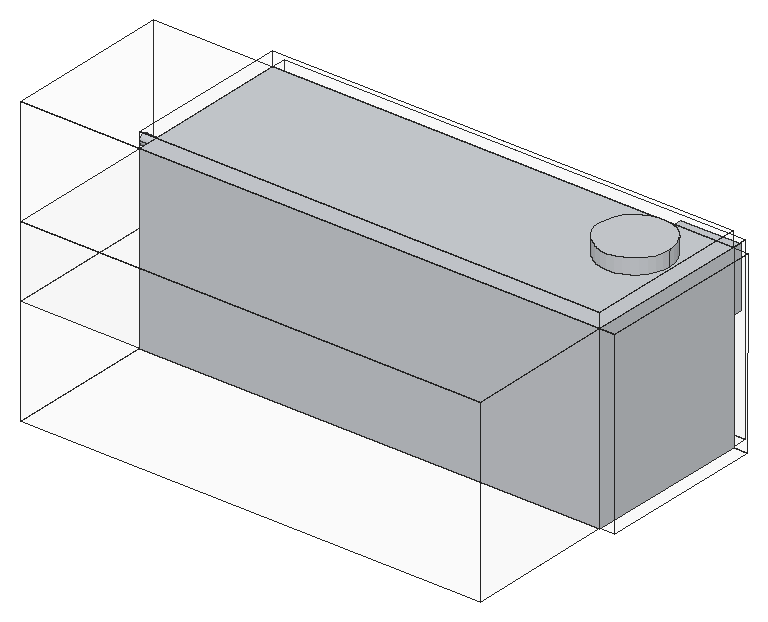
Revit family
Parameters (values of type "CFN2072PM")
  manifold thickness = 6 1/4"
  gas offset from back = 27 1/2"
  gas conn length = 4"
  Voltage/Pump = 120"
  A_HEIGHT = 36"
  B_WIDTH = 92 1/2"
  C_DEPTH = 33 1/2"
  DRAIN SIZE = 3/4"
  GAS CONN SIZE = gas conn radius * 2  # 2"
  VENT SIZE = vent radius * 2  # 14"
  WATER IN CONN SIZE = water inlet radius * 2  # 2 1/2"
  WATER OUT CONN SIZE = water outlet radius * 2  # 2 1/2"
  SES BIM Studio # = "201264901-23"
  Voltage/Heater = "120"
  Voltage/Control = "24"
  URL = "http://www.lochinvar.com/products/default.aspx?type=productline&lineid=14"
  Total Amps w/pump = "21.4"
  Model = "CFN2072PM"
  Manufacturer = "Lochinvar"
  MODEL NO. = "CFN2072PM"
  GALLON CAPACITY = "4.8"
  INPUT RATE (BTUH) = "2,070,000"
  FUEL TYPE = "NATURAL GAS"
  Description = "Copper-Fin II Commercial Gas Water Heater"
  Fuel Type = "Natural or LP"
  D_water conn height = 15 3/4"
  E_vent offset from back = 11"
  F_vent offset from right side = 11"
  G_gas conn offset from bottom = 33 3/4"
  air inlet offset from right side = 1"
  air inlet size = 12"
  air inlet offst from top = 1"
  front clearance = 30"
  gas conn radius = 1"
  left side clearance = 24"
  rear clearance = 3"
  right side clearance = 3"
  top clearance = 3"
  vent radius = 7"
  H_water conn offset from back = 8 3/4"
  water inlet radius = 1 1/4"
  water inlet/outlet center to center distance = 11 1/4"
  water outlet radius = 1 1/4"
  # of Electrical Connections = "2"
Types (10): name | manifold thickness | gas offset from back | A_HEIGHT | B_WIDTH | C_DEPTH | GAS CONN SIZE | VENT SIZE | WATER IN CONN SIZE | WATER OUT CONN SIZE | Total Amps w/pump | Model | MODEL NO. | GALLON CAPACITY | INPUT RATE (BTUH) | D_water conn height | E_vent offset from back | F_vent offset from right side | G_gas conn offset from bottom | air inlet size | gas conn radius | vent radius | H_water conn offset from back | water inlet radius | water inlet/outlet center to center distance | water outlet radius
  (no name) | 6 1/4" | 27 1/2" | 36" | 92 1/2" | 33 1/2" | 2" | 14" | 2 1/2" | 2 1/2" | "21.4" | "CFN2072PM" | "CFN2072PM" | "4.8" | "2,070,000" | 15 3/4" | 11" | 11" | 33 3/4" | 12" | 1" | 7" | 8 3/4" | 1 1/4" | 11 1/4" | 1 1/4"
  CFN0402PM | 3 1/2" | 4" | 31 1/2" | 37 3/4" | 22 1/4" | 1 1/4" | 6" | 2" | 2" | "12.1" | "CFN0402PM" | "CFN0402PM" | "1.5" | "399,999" | 12 1/2" | 7" | 7" | 29" | 6" | 5/8" | 3" | 6 1/2" | 1" | 6 1/2" | 1"
  CFN0502PM | 3 1/2" | 4" | 31 1/2" | 45 1/2" | 22 1/4" | 1 1/4" | 6" | 2" | 2" | "12.1" | "CFN0502PM" | "CFN0502PM" | "1.7" | "500,000" | 12 1/2" | 7" | 7" | 29" | 6" | 5/8" | 3" | 6 1/2" | 1" | 6 1/2" | 1"
  CFN0652PM | 3 1/2" | 4" | 31 1/2" | 56 3/4" | 22 1/4" | 1 1/4" | 8" | 2" | 2" | "14.6" | "CFN0652PM" | "CFN0652PM" | "1.9" | "650,000" | 12 1/2" | 8 1/2" | 8 1/4" | 29" | 8" | 5/8" | 4" | 6 1/2" | 1" | 6 1/2" | 1"
  CFN0752PM | 3 1/2" | 4" | 31 1/2" | 64" | 22 1/4" | 1 1/4" | 8" | 2" | 2" | "14.6" | "CFN0752PM" | "CFN0752PM" | "2.0" | "750,000" | 12 1/2" | 8 1/2" | 8 1/4" | 29" | 8" | 5/8" | 4" | 6 1/2" | 1" | 6 1/2" | 1"
  CFN0992PM | 6 1/4" | 27 1/2" | 36" | 48 1/4" | 33 1/2" | 2" | 10" | 2 1/2" | 2 1/2" | "17.9" | "CFN0992PM" | "CFN0992PM" | "3.4" | "990,000" | 15 3/4" | 8 1/2" | 8 1/2" | 33 3/4" | 10" | 1" | 5" | 8 3/4" | 1 1/4" | 11 1/4" | 1 1/4"
  CFN1262PM | 6 1/4" | 27 1/2" | 36" | 58 1/2" | 33 1/2" | 2" | 12" | 2 1/2" | 2 1/2" | "17.9" | "CFN1262PM" | "CFN1262PM" | "3.7" | "1,260,000" | 15 3/4" | 10 1/2" | 9 1/2" | 33 3/4" | 12" | 1" | 6" | 8 3/4" | 1 1/4" | 11 1/4" | 1 1/4"
  CFN1442PM | 6 1/4" | 27 1/2" | 36" | 68 3/4" | 33 1/2" | 2" | 12" | 2 1/2" | 2 1/2" | "21.4" | "CFN1442PM" | "CFN1442PM" | "4.1" | "1,440,000" | 15 3/4" | 10 1/2" | 10 1/2" | 33 3/4" | 12" | 1" | 6" | 8 3/4" | 1 1/4" | 11 1/4" | 1 1/4"
  CFN1802PM | 6 1/4" | 27 1/2" | 36" | 82 1/4" | 33 1/2" | 2" | 14" | 2 1/2" | 2 1/2" | "21.4" | "CFN1802PM" | "CFN1802PM" | "4.5" | "1,800,000" | 15 3/4" | 11" | 11" | 33 3/4" | 12" | 1" | 7" | 8 3/4" | 1 1/4" | 11 1/4" | 1 1/4"
  CFN2072PM | 6 1/4" | 27 1/2" | 36" | 92 1/2" | 33 1/2" | 2" | 14" | 2 1/2" | 2 1/2" | "21.4" | "CFN2072PM" | "CFN2072PM" | "4.8" | "2,070,000" | 15 3/4" | 11" | 11" | 33 3/4" | 12" | 1" | 7" | 8 3/4" | 1 1/4" | 11 1/4" | 1 1/4"
Reference planes (in)
  plane 1 "Center (Front/Back)": y = 2.33546
  plane 2: z = 0
  plane 3 "Center (Left/Right)": x = 0
  plane 4 "Rear Plane": y = 19.08546
  plane 5 "Front Plane": y = -14.41454
  plane 6 "Left Side Plane": x = -46.25
  plane 7 "Right Side Plane": x = 46.25
  plane 8 "Top Plane": z = 36
  plane 9 "Vent Offset from Rear": y = 8.08546
  plane 10 "Water Conn offset from bottom": z = 15.75
  plane 11 "Water conn offset from back": y = 10.33546
  plane 12 "Water conn center to center": y = -0.91454
  plane 13 "Gas conn offset from botton": z = 33.75
  plane 14 "Vent Conn offset from back": y = 8.08546
  plane 15 "Vent conn offset from right side": x = 35.25
  plane 16: x = 45.25
  plane 17 "air inlet offset from top": z = 35
  plane 18: x = 33.25
  plane 19 "air inlet bottom plane": z = 23
  plane 20 "front clearance": y = -44.41454
  plane 21 "left side clearance": x = -70.25
  plane 22 "right side clearance": x = 49.25
  plane 23 "rear clearance plane": y = 22.08546
  plane 24 "top clearance": z = 39
  plane 25 "water manifold top plane": z = 14.25
  plane 26 "water manifold bottom plane": z = 17.25
  plane 27 "water manifold left plane": y = 13.33546
  plane 28 "water manifold right plane": y = -3.91454
  plane 29: x = -30.625
  plane 30 "manifold thickness": x = -52.5
  plane 31 "gas offset models 0402-0752": y = -8.41454
  plane 32: x = -50.25
  plane 33 "gas conn offset from back": y = -8.41454
Forms (in)
  Extrusion 1, solid
    sketch origin (0, 0, 0) x (1, 0, 0) y (0, 1, 0)
      loop
        line (-46.25, 19.08546) -> (-46.25, -14.41454) -> (46.25, -14.41454) -> (46.25, 19.08546) -> (-46.25, 19.08546)
    from 0 to 36
  Extrusion 2, solid
    sketch origin (0, 0, 31.5) x (-1, 0, 0) y (0, -1, 0)
      loop
        circle (-35.25, -8.08546) r 7
    from 4.5 to 7.5
  Extrusion 3, solid
    sketch origin (0, 19.46046, 0) x (1, 0, 0) y (0, 0, 1)
      loop
        line (45.25, 35) -> (33.25, 35) -> (33.25, 23) -> (45.25, 23) -> (45.25, 35)
    from 0.375 to -2.625
  Extrusion 4, solid, material "Clearance"
    sketch origin (0, 0, 36) x (-1, 0, 0) y (0, -1, 0)
      loop
        line (46.25, -19.08546) -> (46.25, 14.41454) -> (-46.25, 14.41454) -> (-46.25, -19.08546) -> (46.25, -19.08546)
    from 0 to 3
  Extrusion 5, solid
    sketch origin (-18.875, 0, 0) x (0, 1, 0) y (0, 0, 1)
      loop
        line (13.33546, 14.25) -> (13.33546, 17.25) -> (-3.91454, 17.25) -> (-3.91454, 14.25) -> (13.33546, 14.25)
    from -27.375 to -33.625
  Extrusion 6, solid
    sketch origin (-52.5, 0, 0) x (0, 1, 0) y (0, 0, 1)
      loop
        circle (10.33546, 15.75) r 1.25
    from 0 to -0.5
  Extrusion 7, solid
    sketch origin (-52.5, 0, 0) x (0, 1, 0) y (0, 0, 1)
      loop
        circle (-0.91454, 15.75) r 1.25
    from 0 to -0.5
  Extrusion 8, solid, material "Clearance"
    sketch origin (0, 0, 36) x (-1, 0, 0) y (0, -1, 0)
      loop
        line (46.25, -19.08546) -> (70.25, -19.08546) -> (70.25, 14.41454) -> (46.25, 14.41454) -> (46.25, -19.08546)
    from 0 to -36
  Extrusion 9, solid, material "Clearance"
    sketch origin (0, 0, 36) x (-1, 0, 0) y (0, -1, 0)
      loop
        line (-46.25, -19.08546) -> (-46.25, 14.41454) -> (-49.25, 14.41454) -> (-49.25, -19.08546) -> (-46.25, -19.08546)
    from 0 to -36
  Extrusion 10, solid, material "Clearance"
    sketch origin (0, 0, 36) x (-1, 0, 0) y (0, -1, 0)
      loop
        line (46.25, 14.41454) -> (46.25, 44.41454) -> (-46.25, 44.41454) -> (-46.25, 14.41454) -> (46.25, 14.41454)
    from 0 to -36
  Extrusion 11, solid, material "Clearance"
    sketch origin (0, 0, 36) x (-1, 0, 0) y (0, -1, 0)
      loop
        line (46.25, -19.08546) -> (-46.25, -19.08546) -> (-46.25, -22.08546) -> (46.25, -22.08546) -> (46.25, -19.08546)
    from 0 to -36
  Extrusion 12, solid
    sketch origin (-46.25, 0, 0) x (0, 1, 0) y (0, 0, 1)
      loop
        circle (-8.41454, 33.75) r 1
    from 0 to -4
Text (in)
  text "LEFT" at (-60.0409, 11.34615, 0), in view "Ref. Level"
  text "RIGHT" at (95.9591, 11.34615, 0), in view "Ref. Level"
  text "FRONT" at (3.05477, -68.89429, 0), in view "Ref. Level"
  text "BACK" at (3.05477, 70.10571, 0), in view "Ref. Level"
Dimensions and locks (in)
  equal spacing: plane 5 "Front Plane", plane 1 "Center (Front/Back)", plane 4 "Rear Plane"
  "C_DEPTH": plane 5 "Front Plane" to plane 4 "Rear Plane"
  equal spacing: plane 6 "Left Side Plane", plane 3 "Center (Left/Right)", plane 7 "Right Side Plane"
  "B_WIDTH": plane 6 "Left Side Plane" to plane 7 "Right Side Plane"
  "A_HEIGHT": plane 8 "Top Plane" to plane 2
  "D_water conn height": plane 10 "Water Conn offset from bottom" to level
  "H_water conn offset from back": plane 4 "Rear Plane" to plane 11 "Water conn offset from back"
  "water inlet/outlet center to center distance": plane 11 "Water conn offset from back" to plane 12 "Water conn center to center"
  "G_gas conn offset from bottom": plane 13 "Gas conn offset from botton" to level
  "E_vent offset from back": plane 14 "Vent Conn offset from back" to plane 4 "Rear Plane"
  "F_vent offset from right side": plane 15 "Vent conn offset from right side" to plane 7 "Right Side Plane"
  "air inlet offset from right side": plane 16 to plane 7 "Right Side Plane"
  "air inlet size": plane 18 to plane 16
  "air inlet offst from top": plane 17 "air inlet offset from top" to plane 8 "Top Plane"
  "air inlet size": plane 19 "air inlet bottom plane" to plane 17 "air inlet offset from top"
  "front clearance": plane 20 "front clearance" to plane 5 "Front Plane"
  "left side clearance": plane 21 "left side clearance" to plane 6 "Left Side Plane"
  "right side clearance": plane 7 "Right Side Plane" to plane 22 "right side clearance"
  "rear clearance": plane 4 "Rear Plane" to plane 23 "rear clearance plane"
  "top clearance": plane 24 "top clearance" to plane 8 "Top Plane"
  locked: plane 27 "water manifold left plane" to plane 11 "Water conn offset from back" at 3
  locked: plane 12 "Water conn center to center" to plane 28 "water manifold right plane" at 3
  equal spacing: plane 26 "water manifold bottom plane", plane 10 "Water Conn offset from bottom", plane 25 "water manifold top plane"
  "manifold thickness": plane 6 "Left Side Plane" to plane 30 "manifold thickness"
  "gas conn length": plane 6 "Left Side Plane" to plane 32
  "gas offset from back": plane 4 "Rear Plane" to plane 33 "gas conn offset from back"
  "vent radius": radius of Extrusion 2 sketch curve
  "water outlet radius": radius of Extrusion 6 sketch curve
  "water inlet radius": radius of Extrusion 7 sketch curve
  "gas conn radius": radius of Extrusion 12 sketch curve
  aligned and locked: plane 8 "Top Plane" to Extrusion 1
  aligned and locked: plane 7 "Right Side Plane" to Extrusion 1
  aligned and locked: Extrusion 1 to plane 6 "Left Side Plane"
  aligned and locked: plane 9 "Vent Offset from Rear" to plane 14 "Vent Conn offset from back"
  aligned and locked: plane 16 to Extrusion 3
  aligned and locked: plane 18 to Extrusion 3
  aligned and locked: plane 17 "air inlet offset from top" to Extrusion 3
  aligned and locked: plane 19 "air inlet bottom plane" to Extrusion 3
  aligned and locked: plane 24 "top clearance" to Extrusion 4
  aligned and locked: plane 4 "Rear Plane" to Extrusion 3
  aligned and locked: Extrusion 1 to Extrusion 3  (x2)
  aligned and locked: Extrusion 1 to Extrusion 2
  aligned and locked: Extrusion 2 to Extrusion 1
  aligned and locked: Extrusion 4 to Extrusion 2
  aligned and locked: Extrusion 1 to Extrusion 5
  aligned and locked: plane 30 "manifold thickness" to Extrusion 5
  aligned and locked: Extrusion 6 to Extrusion 5
  aligned and locked: plane 8 "Top Plane" to Extrusion 8
  aligned and locked: plane 2 to Extrusion 8
  aligned and locked: plane 2 to Extrusion 9
  aligned and locked: plane 8 "Top Plane" to Extrusion 9
  aligned and locked: plane 2 to Extrusion 10
  aligned and locked: plane 8 "Top Plane" to Extrusion 10
  aligned and locked: plane 2 to Extrusion 11
  aligned and locked: plane 8 "Top Plane" to Extrusion 11
  aligned and locked: plane 23 "rear clearance plane" to Extrusion 3
Automatic sketch dimensions
  plane 5 "Front Plane" to Extrusion 1 sketch curve = 0"
  Extrusion 1 sketch curve to plane 6 "Left Side Plane" = 0"
  plane 4 "Rear Plane" to Extrusion 1 sketch curve = 0"
  Extrusion 1 sketch curve to plane 7 "Right Side Plane" = 0"
  plane 9 "Vent Offset from Rear" to Extrusion 2 sketch curve = 0"
  Extrusion 2 sketch curve to plane 15 "Vent conn offset from right side" = 0"
  Extrusion 3 sketch curve to plane 18 = 0"
  Extrusion 3 sketch curve to plane 16 = 0"
  Extrusion 3 sketch curve to plane 19 "air inlet bottom plane" = 0"
  Extrusion 3 sketch curve to plane 17 "air inlet offset from top" = 0"
  Extrusion 4 sketch curve to plane 7 "Right Side Plane" = 0"
  Extrusion 4 sketch curve to plane 6 "Left Side Plane" = 0"
  plane 5 "Front Plane" to Extrusion 4 sketch curve = 0"
  plane 4 "Rear Plane" to Extrusion 4 sketch curve = 0"
  Extrusion 5 sketch curve to plane 28 "water manifold right plane" = 0"
  Extrusion 5 sketch curve to plane 26 "water manifold bottom plane" = 0"
  Extrusion 5 sketch curve to plane 27 "water manifold left plane" = 0"
  Extrusion 5 sketch curve to plane 25 "water manifold top plane" = 0"
  Extrusion 6 sketch curve to plane 10 "Water Conn offset from bottom" = 0"
  Extrusion 6 sketch curve to plane 11 "Water conn offset from back" = 0"
  Extrusion 7 sketch curve to plane 10 "Water Conn offset from bottom" = 0"
  Extrusion 7 sketch curve to plane 12 "Water conn center to center" = 0"
  plane 4 "Rear Plane" to Extrusion 8 sketch curve = 0"
  Extrusion 8 sketch curve to plane 6 "Left Side Plane" = 0"
  Extrusion 8 sketch curve to plane 21 "left side clearance" = 0"
  plane 5 "Front Plane" to Extrusion 8 sketch curve = 0"
  Extrusion 9 sketch curve to plane 22 "right side clearance" = 0"
  plane 5 "Front Plane" to Extrusion 9 sketch curve = 0"
  Extrusion 9 sketch curve to plane 7 "Right Side Plane" = 0"
  plane 4 "Rear Plane" to Extrusion 9 sketch curve = 0"
  plane 5 "Front Plane" to Extrusion 10 sketch curve = 0"
  Extrusion 10 sketch curve to plane 7 "Right Side Plane" = 0"
  Extrusion 10 sketch curve to plane 6 "Left Side Plane" = 0"
  plane 20 "front clearance" to Extrusion 10 sketch curve = 0"
  plane 4 "Rear Plane" to Extrusion 11 sketch curve = 0"
  Extrusion 11 sketch curve to plane 7 "Right Side Plane" = 0"
  Extrusion 11 sketch curve to plane 6 "Left Side Plane" = 0"
  plane 23 "rear clearance plane" to Extrusion 11 sketch curve = 0"
  Extrusion 12 sketch curve to plane 13 "Gas conn offset from botton" = 0"
  Extrusion 12 sketch curve to plane 33 "gas conn offset from back" = 0"
Connectors (in)
  hvac at (35.25, 8.08546, 39), driven by "vent radius"
    settings: on Extrusion 2, index 4, duct flow 0 CFM, flow factor 0, pres drop 0.00 in-wg, loss coef 0, conn angle 0.00°, conn width 12", conn height 12", conn radius 7", duct sys type 1, conn prof type 0, flow config 0, flow direction 2, loss method 0, conn ref index -1, conn util no, is conn primary yes, conn desc "Exhaust Vent Conn"
  piping at (-53, 10.33546, 15.75), driven by "water outlet radius"
    settings: on Extrusion 6, index 5, connector radius 1 1/4", flow factor 0, pipe flow 0 GPM, pressure drop 0.00 psi, fitting loss kfactor 0, connector angle 0.00°, fixture units 0, flow configuration 0, flow direction 2, fitting loss method 0, system type 7, connector reference index -1, connector utility 0, adjustable connector no, is connector primary yes, fitting loss table "", connector description "water outlet conn"
  piping at (-53, -0.91454, 15.75), driven by "water inlet radius"
    settings: on Extrusion 7, index 6, connector radius 1 1/4", flow factor 0, pipe flow 0 GPM, pressure drop 0.00 psi, fitting loss kfactor 0, connector angle 0.00°, fixture units 0, flow configuration 0, flow direction 1, fitting loss method 0, system type 7, connector reference index -1, connector utility 0, adjustable connector no, is connector primary no, fitting loss table "", connector description "water inlet conn"
  piping at (-50.25, -8.41454, 33.75), driven by "gas conn radius"
    settings: on Extrusion 12, index 7, connector radius 1", flow factor 0, pipe flow 0 GPM, pressure drop 0.00 psi, fitting loss kfactor 0, connector angle 0.00°, fixture units 0, flow configuration 0, flow direction 1, fitting loss method 0, system type 22, connector reference index -1, connector utility 0, adjustable connector no, is connector primary no, fitting loss table "", connector description "gas conn"
